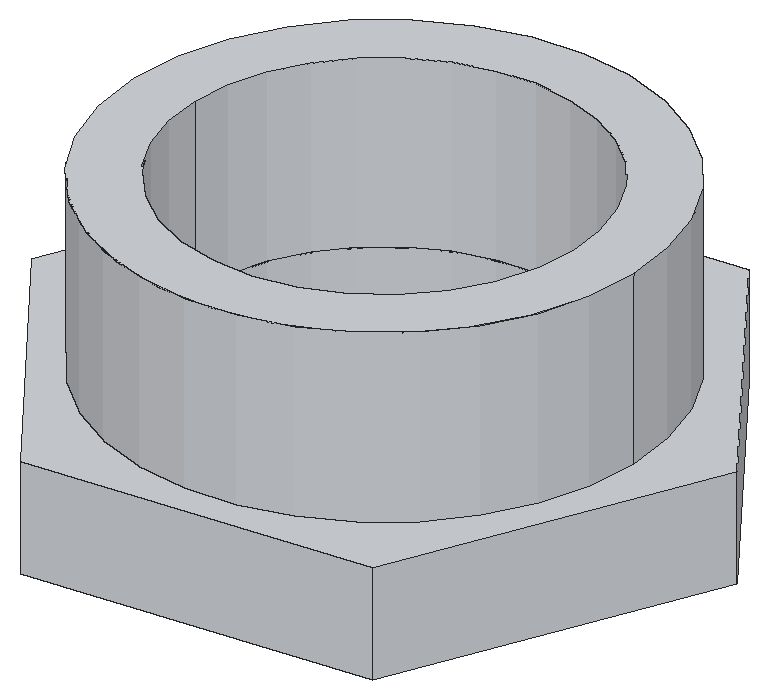
Revit family "PMB25B", category Generic Models, Revit 2017
Family settings
  Can host rebar = No
  Round Connector Dimension = Use Diameter
  Part Type = Normal
  Work Plane-Based = Yes
  Always vertical = No
  Cut with Voids When Loaded = No
  Shared = No
  Room Calculation Point = No
Parameters (values of type "NBS Standard Parameters")
  Weight = "0.045Kg"
  WarrantyStartDate [instance] = "1900-12-31T23:59:59"
  WarrantyGuarantorParts = "n/a"
  WarrantyGuarantorLabor = "n/a"
  WarrantyDurationUnit = "1 year"
  WarrantyDurationParts = "n/a"
  WarrantyDurationLabor = "n/a"
  WarrantyDescription = "n/a"
  Version = "1"
  Uniclass2 = "Pr_65_70_11_20"
  TagNumber [instance] = "n/a"
  SustainabilityPerformance = "n/a"
  Size = "25mm"
  Shape = "Circular"
  SerialNumber [instance] = "n/a"
  Revision = "n/a"
  ReplacementCost = "n/a"
  ProductInformation = "www.metpro.co.uk/pdf/pmb25w.pdf"
  NominalWidth = 29.5 mm
  NominalLength = 29.5 mm
  NominalHeight = 13.5 mm
  Name = ""
  NBSTypeID = ""
  NBSReference = "90-55-10/460"
  NBSOfficeMasterTag = ""
  NBSNote = ""
  NBSDescription = "Conduit Fittings"
  NBSCertification = ""
  ModelReference = "PMB25B"
  ModelNumber = "n/a"
  Material = "PVC"
  ManufacturerURL = "www.metpro.co.uk"
  ManufacturerName = "Metpro Ltd"
  Keynote = "Manufactured to BS4607 Part 1"
  InstallationDate [instance] = "1900-12-31T23:59:59"
  IfcExportType = ""
  IfcExportAs = ""
  Grade = "n/a"
  Finish = "Black"
  Features = "n/a"
  ExpectedLife = "n/a"
  DurationUnit = "year"
  Description = "PMB25B-  25mm PVC Male Bush Screwed"
  Default Elevation = 1219.2 mm
  Constituents = "n/a"
  Color = "n/a"
  CodePerformance = "n/a"
  Category = "n/a"
  BarCode [instance] = "n/a"
  BIMObjectName = "Metpro_Metprolibrary_Conduitfittings_pvccomponents_accessory"
  Author = "Metpro Ltd"
  AssetType = ""
  AssetIdentifier [instance] = "n/a"
  AccessibilityPerformance = "n/a"
Reference planes
  plane 1 "Center (Front/Back)": y = 0
  plane 2: z = 0
  plane 3 "Center (Left/Right)": x = 0
Forms (mm)
  Extrusion 1, solid
    sketch origin (15, -196.328, 2.75) x (0, 1, 0) y (-1, 0, 0)
      loop
        circle (0, 0) r 12.5
      loop
        circle (0, 0) r 9.5
    from 1 to 9.5
  Extrusion 2, solid
    sketch origin (15, -196.328, 2.75) x (0, 1, 0) y (-1, 0, 0)
      loop
        circle (0, 0) r 9.5
      loop
        line (-1.97, 16.045) -> (-14.88, 6.316) -> (-12.91, -9.728) -> (1.97, -16.045) -> (14.88, -6.316) -> (12.91, 9.728) -> (-1.97, 16.045)
    from -4 to 1
Dimensions and locks
  aligned and locked: level to plane 2
